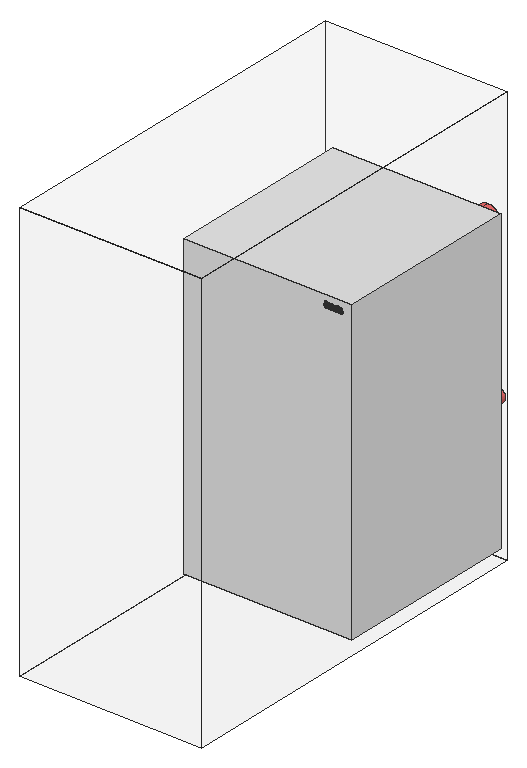
Revit family "Remeha_Gas110Eco-65_LOD-3", category Mechanical Equipment, host Face, Revit 2015
Parameters (values of type "Gas 110 Eco-65")
  Weekly = "0"
  Water Treatment Required = yes
  Water Content = 24.6052 L
  Warranty ID = ""
  Voltage = 230 V
  URL = "http://www.remeha.co.uk"
  Type Image = 0
  built-in parameter 1010105 = ""
  Type Comments = ""
  Type = "Space heating"
  Turndown Ratio = "5:1"
  Supply Phase = 1
  Starting Current = 0 A
  Sound Pressure Level = "49 dBA"
  Shipping Weight = 116.00 kg
  Shape = "Rectangular (Vertical)"
  Safety Valve Connection Type = "Unset"
  Safety Valve Connection Size = 0 mm
  Responsible Sourcing of Materials = "0"
  Responsible Extraction of Materials = "0"
  Reference Standard = "92/42/EEC, 2006/95/EEC, 2004/108/EEC, 97/23/EEC (article 3 sub 3)"
  Rated Output = 61000 W
  Rated Criteria = "80/60"
  Quarterly = "0"
  Product Range = "Gas 110 Eco - 65"
  Product Model Number = "100010820"
  Product Literature = "https://www.remeha.co.uk/en/Products/Floor-Standing-Range/Gas-110-Eco"
  Primary Fuel = "Gas - NG"
  Overall Width = 600 mm
  Overall Length = 663 mm
  Overall Height = 1100 mm
  Optional Fuel = "Gas - LPG"
  Operation and Maintenance Manual = "https://www.remeha.co.uk/en/Products/Floor-Standing-Range/Gas-110-Eco"
  Oil Consumption rate = 0
  Nominal Oil Inlet Pressure = 0.00 bar
  Nominal Gas Inlet Pressure = 0.000049768 bar
  NOx Emissions = "32 mg/kWh"
  Mounting = "Floor Standing"
  Monthly = "0"
  Model = "Gas 110 Eco - 65"
  Minimum Power Consumption = 31 W
  Minimum Operating Pressure = 0.00199072 bar
  Minimum Oil Inlet Pressure = 0.00 bar
  Minimum Gas Inlet Pressure = 0.000042303 bar
  Minimum Flow Rate at 20C temperature differential = 0.0460558 L/s
  Minimum Flow Rate at 11C temperature differential = 0.0832791 L/s
  Maximum Power Consumption = 88 W
  Maximum Operating Pressure = 0.0099536 bar
  Maximum Oil Inlet Pressure = 0.00 bar
  Maximum Gas Inlet Pressure = 0.00006221 bar
  Material Ingredient Reporting = "0"
  Manufacturer Website = "http://www.remeha.co.uk/"
  Manufacturer = "Remeha Commercial"  # constant formula
  Maintenance Required 8001 to 12000hrs = "0"
  Maintenance Required 601 to 1000hrs = "0"
  Maintenance Required 4001 to 8000hrs = "0"
  Maintenance Required 301 to 600hrs = "0"
  Maintenance Required 2001 to 4000hrs = "0"
  Maintenance Required 1001 to 2000hrs = "0"
  Maintenance Required 0 to 300hrs = "0"
  Location of Manufacturer = "0"
  Life Cycle Analysis = "0"
  Keynote = "Flue Connection size can vary between 100/150 concentric."
  Keynote = ""
  Interlocks = yes
  IfcExportType = "NOTDEFINED"  # constant formula
  IfcExportAs = "IfcBoilerType"  # constant formula
  IP Rating = "IP21"
  IK Rating = "0"
  Hydraulic Resistance at 20C temperature differential = 0.00043547 bar
  Hydraulic Resistance at 11C temperature differential = 0.00144327 bar
  Heater Operation = "Condensing"
  Heat Exchanger Material = "Aluminium"
  Gross Weight = 122.50 kg
  Green Guide for Specification = "0"
  Gas Consumption rate = "6.56 m3/h"
  Fuse Rating = 6.3 A
  Full Load Current = 0 A
  Fuel Connection Type = "Threaded"
  Fuel Connection Size = 20 mm
  Frequency = 50 Hz
  Flue or Air Intake Classification = "B23p,C13,C33,C43,C53,C63,C83,C93"
  Flue Connection size = 100 mm
  Flow and Return Connection Type = "Threaded"
  Flow and Return Connection Size = 32 mm
  Finish = "Painted"
  Features = "Remeha's Gas110 range are compact high efficiency floor standing condensing boilers have been developed specifically to fit directly into the floor space as a traditional boiler."
  External Material = "Steel"
  Expected Life = "15"
  ErP Seasonal Efficiency = "93 %"
  ErP Rated Efficiency at Part Load = "98.1 %"
  ErP Rated Efficiency at Full Load = "88.6 %"
  ErP Energy Label = "A"
  Environmental Product Declaration = "0"
  Energy Technology List = "https://etl.beis.gov.uk/engetl/fox/live/ETL_PUBLIC_PRODUCT_SEARCH/product?PROD_ID=41391"
  Embodied Carbon = "0"
  Drain Connection Type = "Unset"
  Drain Connection Size = 0 mm
  Description = "Condensing Boiler"  # constant formula
  Default Elevation = 0 mm
  Daily = "0"
  Cost = 0
  Control Type = "0 - 10V, Open Therm, Volt free enable, Direct boiler weather compensating control systems available from Remeha as optional extra's."
  Configuration = "Single boiler"
  Condensate Drain Type = "Plain"
  Condensate Drain Size = 32 mm
  Colour = "Remeha White + RAL 2002"
  Clearance Box Visibility [instance] = yes
  Classification.Uniclass.Pr.Number [instance] = "Pr_60_60_08_34"
  Classification.Uniclass.Pr.Description [instance] = "Gas fired Condensing Boilers"
  CE Mark = "CE - 0063BS3826"
  Burner Control Type = "Modulating"
  Building Regulations Seasonal Efficiency = "96.30 %"
  Bespoke Timeframe = "0"
  BMS Links = yes
  Assembly Code = "D3020100"
  Annually = "As per attached URL O&M manual"
  Air Inlet Connection Size = 150 mm
  Additional Technical Details = "https://www.remeha.co.uk/en/Products/Floor-Standing-Range/Gas-110-Eco"
  Access Clearance Top = 400 mm
  Access Clearance Right = 25 mm
  Access Clearance Rear = 0 mm
  Access Clearance Left = 25 mm
  Access Clearance Front = 700 mm
  Access Clearance Bottom = 0 mm
  6 Monthly = "0"
Types (2, lengths in mm): name | Water Content | URL | Nominal Gas Inlet Pressure | Model | Minimum Operating Pressure | Minimum Gas Inlet Pressure | Minimum Flow Rate at 20C temperature differential | Minimum Flow Rate at 11C temperature differential | Maximum Operating Pressure | Maximum Gas Inlet Pressure | Keynote | Hydraulic Resistance at 20C temperature differential | Hydraulic Resistance at 11C temperature differential
  Gas 110 Eco-65 | 24.6052 L | "http://www.remeha.co.uk" | 0.000049768 bar | "Gas 110 Eco - 65" | 0.00199072 bar | 0.000042303 bar | 0.0460558 L/s | 0.0832791 L/s | 0.0099536 bar | 0.00006221 bar | "Flue Connection size can vary between 100/150 concentric." | 0.00043547 bar | 0.00144327 bar
  Gas 110 Eco - 65 | 6.5 L | 0 | 0.02 bar | "Gas 110 Eco - 115" | 0.80 bar | 0.017 bar | 0.730 L/s | 1.320 L/s | 4.00 bar | 0.025 bar | 0 | 0.175 bar | 0.58 bar
Reference planes
  plane 1 "Center (Front/Back)": y = 0
  plane 2: z = 0
  plane 3 "Center (Left/Right)": x = 0
  plane 4: x = -300
  plane 5: x = 300
  plane 6: y = 331.5
  plane 7: y = -331.5
  plane 8 "Top": z = 1100
  plane 9: z = 999.75
  plane 10: z = 155.75
  plane 11: z = 441.75
  plane 12: z = 405.75
  plane 13: z = 31.75
  plane 14: x = -325
  plane 15: x = 325
  plane 16: y = 685
  plane 17: y = -1031.5
  plane 18: z = 1500
Forms (mm)
  Sweep 1, solid, material "Glass - Clear - Amber", visible <- "Clearance Box Visibility"
    path origin (0, 0, 0) x (1, 0, 0) y (0, 0, 1)
      loop
        line (0, 1500) -> (0, 0)
    profile origin (0, 0, 750) x (0, -1, 0) y (1, 0, 0)
      loop
        line (-331.5, -325) -> (1031.5, -325) -> (1031.5, 325) -> (-331.5, 325) -> (-331.5, -325)
Dimensions and locks
  equal spacing: plane 4, plane 3 "Center (Left/Right)", plane 5
  plane 4 to plane 5 = 600 mm
  equal spacing: plane 7, plane 1 "Center (Front/Back)", plane 6
  plane 7 to plane 6 = 663 mm
  plane 8 "Top" to level = 1100 mm
  plane 9 to plane 13 = 968 mm
  plane 10 to plane 13 = 124 mm
  plane 11 to plane 13 = 410 mm
  plane 12 to plane 13 = 374 mm
  locked: plane 13 to host face at 31.75
  plane 14 to plane 4 = 25 mm
  plane 5 to plane 15 = 25 mm
  plane 16 to plane 6 = 353.5 mm
  plane 17 to plane 7 = 700 mm
  plane 18 to plane 8 "Top" = 400 mm
  aligned and locked: plane 2 to host face
  aligned and locked: level to host face
  aligned and locked: plane 3 "Center (Left/Right)" to nested 1
  aligned and locked: plane 1 "Center (Front/Back)" to nested 1
  aligned and locked: Sweep 1 sketch curve to plane 3 "Center (Left/Right)"
  aligned and locked: plane 18 to Sweep 1 sketch curve
  aligned and locked: level to Sweep 1 sketch curve
  aligned and locked: Sweep 1 sketch curve to plane 15
  aligned and locked: plane 14 to Sweep 1 sketch curve
  aligned and locked: plane 17 to Sweep 1 sketch curve
Automatic sketch dimensions
  host sketch curve to host sketch curve = 2438.4 mm  (x2)
  Sweep 1 sketch curve to plane 1 "Center (Front/Back)" = 331.5 mm
Nested families
  nested 1: "Gas 110" at (0, 0, 0), type "Gas 110"
Connectors
  piping at (170, 438.5, 999.75), diameter 63.5
    settings: on nested 1, index 1, connector inside diameter 63.500 mm, connector length 0 mm, flow factor 0, pipe flow 0.000 L/s, pressure drop 0 bar, fitting loss kfactor 0, connector angle 0.00°, fixture units 0, engagement length 0 mm, angle of deflection 0.00°, flow configuration 0, flow direction 2, fitting loss method 0, system type 22, joint type 0, gender type 0, connector reference index -1, connector utility 0, adjustable connector no, is connector primary yes, connector description "Heating Outlet Connection"
  piping at (208, 438.5, 441.75), diameter 38.1
    settings: on nested 1, index 2, connector inside diameter 38.100 mm, connector length 0 mm, flow factor 0, pipe flow 0.000 L/s, pressure drop 0 bar, fitting loss kfactor 0, connector angle 0.00°, fixture units 0, engagement length 0 mm, angle of deflection 0.00°, flow configuration 0, flow direction 1, fitting loss method 0, system type 22, joint type 0, gender type 0, connector reference index -1, connector utility 0, adjustable connector no, is connector primary no, connector description "Gas Inlet Conection"
  piping at (-118, 438.5, 155.75), diameter 63.5
    settings: on nested 1, index 3, connector inside diameter 63.500 mm, connector length 0 mm, flow factor 0, pipe flow 0.000 L/s, pressure drop 0 bar, fitting loss kfactor 0, connector angle 0.00°, fixture units 0, engagement length 0 mm, angle of deflection 0.00°, flow configuration 0, flow direction 2, fitting loss method 0, system type 7, joint type 0, gender type 0, connector reference index -1, connector utility 0, adjustable connector no, is connector primary no, connector description "Heating Return Connection"
  piping at (173, 331.5, 183.75), diameter 50
    settings: on nested 1, index 4, connector inside diameter 50.000 mm, connector length 0 mm, flow factor 0, pipe flow 0.000 L/s, pressure drop 0 bar, fitting loss kfactor 0, connector angle 0.00°, fixture units 0, engagement length 0 mm, angle of deflection 0.00°, flow configuration 0, flow direction 2, fitting loss method 0, system type 22, joint type 0, gender type 0, connector reference index -1, connector utility 0, adjustable connector no, is connector primary no, connector description "Condensates Discharge Connection"
  electrical at (0, 331.5, 1083.5)
    settings: on nested 1, index 5, voltage 230 V, apparent load 24 VA, apparent load phase1 0 VA, apparent load phase2 0 VA, apparent load phase3 0 VA, power factor 1, load classification "Power", number of poles 1, system type 30, power factor state 1, is connector primary yes, connector utility yes, sub classification motor yes, connector description "Power"
  hvac at (16.875, 221.727, 1100)
    settings: index 6, duct flow 0 CFM, flow factor 0, pres drop 0.00 bar, loss coef 0, conn angle 0.00°, conn width 0.03937", conn height 12", conn diameter 3.93701", duct sys type 4, conn prof type 0, flow config 0, flow direction 0, loss method 0, conn ref index -1, conn util no, is conn primary yes, conn desc ""
Definition of nested family "Gas 110"
  Parameters (values of type "Gas 110")
    Width = 600 mm  # constant formula
    Unit = none
    Top Clearance = 400 mm  # constant formula
    Pipe Material = none
    Side Clearance = 100 mm  # constant formula
    Logo = none
    Gas Inlet Pipe Offset = 208 mm  # constant formula
    E=Pipe Height = 152 mm
    Leg Offset = 38.1 mm  # constant formula
    Height = 1100 mm
    Heating Return Pipe Offset = 118 mm  # constant formula
    Heating Return Pipe Height = 124 mm
    Heating Outlet Offset = 170 mm  # constant formula
    Heating Outlet Pipe Height = 968 mm
    Gas Inlet Pipe Height = 410 mm
    Front Clearance = 700 mm  # constant formula
    Depth = 663 mm  # constant formula
    Default Elevation = 1219.2 mm
    Condensates Discharge Pipe Offset = 173 mm  # constant formula
    Condensates Discharge Pipe Height = 374 mm
    Bottom Panael Offset = 40 mm
    Back Clearnce Note = "300mm refers to singular boiler installations, 600mm refers to modular boiler applications"  # constant formula
    Back Clearnce = 300 mm
    Assembly Code = ""
  Reference planes
    plane 1 "Center (Front/Back)": y = 0
    plane 2: z = 0
    plane 3 "Center (Left/Right)": x = 0
    plane 4: x = 300
    plane 5: x = -300
    plane 6: y = 331.5
    plane 7: y = -331.5
    plane 8: z = 1100
    plane 9: z = 550
    plane 10: z = 1500
    plane 11: z = 393.333
    plane 12: z = 40
    plane 13: z = 746.667
    plane 14: y = -269.5
    plane 15: z = 1067
    plane 16: y = -275.85
    plane 17: z = 740.317
    plane 18: z = 386.983
    plane 19: z = 33.65
    plane 20: z = 31.75
    plane 21: x = 198.4
    plane 22: y = 293.4
    plane 23: x = 261.9
    plane 24: x = -261.9
    plane 25: y = -231.4
    plane 26: x = 170
    plane 27: z = 999.75
    plane 28: z = 155.75
    plane 29: z = 441.75
    plane 30: y = 438.5
    plane 31: x = 208
    plane 32: x = -118
    plane 33: x = 173
    plane 34: z = 183.75
    plane 35: y = -297.75
  Forms (mm)
    Extrusion 1, solid, material <- "Unit"
      sketch origin (0, 0, 0) x (1, 0, 0) y (0, 1, 0)
        loop
          line (-300, 331.5) -> (-300, -331.5) -> (300, -331.5) -> (300, 331.5) -> (-300, 331.5)
      from 31.75 to 1100
    Revolve 2, solid, material <- "Pipe Material"
      sketch origin (-118, 0, 456.855) x (0, 0, 1) y (0, 1, 0)
        loop
          line (-269.355, 331.5) -> (-269.355, 438.5) -> (-270.943, 438.5) -> (-270.943, 331.5) -> (-269.355, 331.5)
        axis (-301.105, 438.5) -> (-301.105, 331.5)
      angle from 0 to 360
    Revolve 3, void
      sketch origin (173, 0, 484.855) x (0, 0, 1) y (0, 1, 0)
        loop
          line (-269.355, 331.5) -> (-301.105, 331.5) -> (-301.105, 316.5) -> (-269.355, 316.5) -> (-269.355, 331.5)
        axis (-301.105, 331.5) -> (-301.105, 316.5)
      angle from 0 to 360
  Cuts and joins
    Revolve 3 cuts Extrusion 1
  Dimensions and locks
    equal spacing: plane 5, plane 3 "Center (Left/Right)", plane 4
    "Width": plane 5 to plane 4
    equal spacing: plane 6, plane 1 "Center (Front/Back)", plane 7
    "Depth": plane 6 to plane 7
    "Height": plane 8 to level
    equal spacing: plane 8, plane 9, level
    "Top Clearance": plane 10 to plane 8
    "Bottom Panael Offset": plane 12 to level
    equal spacing: plane 8, plane 13, plane 11, plane 12
    locked: plane 8 to plane 15 at 33
    locked: plane 14 to plane 7 at 62
    locked: plane 14 to plane 16 at 6.35
    locked: plane 13 to plane 17 at 6.35
    locked: plane 12 to plane 19 at 6.35
    locked: plane 11 to plane 18 at 6.35
    locked: plane 20 to level at 31.75
    locked: plane 4 to plane 21 at 101.6
    "Leg Offset": plane 6 to plane 22
    "Leg Offset": plane 23 to plane 4
    "Leg Offset": plane 5 to plane 24
    "Leg Offset": plane 25 to plane 14
    "Heating Outlet Offset": plane 26 to plane 3 "Center (Left/Right)"
    "Heating Return Pipe Height": plane 20 to plane 28
    "Gas Inlet Pipe Height": plane 20 to plane 29
    plane 30 to plane 7 = 770 mm
    plane 30 to plane 6 = 107 mm
    "Heating Outlet Pipe Height": plane 20 to plane 27
    "Gas Inlet Pipe Offset": plane 31 to plane 3 "Center (Left/Right)"
    "Heating Return Pipe Offset": plane 3 "Center (Left/Right)" to plane 32
    locked: Revolve 2 sketch curve to Revolve 2 sketch curve at 31.75
    locked: Revolve 2 sketch curve to Revolve 2 sketch curve at 1.588
    "Condensates Discharge Pipe Offset": plane 33 to plane 3 "Center (Left/Right)"
    "E=Pipe Height": plane 20 to plane 34
    locked: Revolve 3 sketch curve to Revolve 3 sketch curve at 31.75
    locked: Extrusion 1 to Revolve 3 sketch curve at 15
    locked: plane 16 to plane 35 at 21.9
    aligned and locked: plane 2 to level
    aligned and locked: plane 5 to Extrusion 1 sketch curve
    aligned and locked: Extrusion 1 sketch curve to plane 6
    aligned and locked: Extrusion 1 sketch curve to plane 4
    aligned: Extrusion 1 to plane 12
    aligned and locked: Extrusion 1 to plane 20
    aligned and locked: plane 15 to nested 1
    aligned: nested 1 to plane 21
    aligned and locked: plane 27 to nested 2
    aligned and locked: plane 6 to nested 2
    aligned and locked: plane 6 to nested 3
    aligned and locked: plane 31 to nested 3
    aligned and locked: plane 29 to nested 3
    aligned and locked: plane 30 to Revolve 2 sketch curve
    aligned and locked: Revolve 2 sketch curve to plane 6
    aligned and locked: Revolve 2 sketch curve to plane 28
    aligned and locked: Revolve 3 sketch curve to plane 34
    aligned and locked: Revolve 3 sketch curve to Revolve 3 sketch curve
  Automatic sketch dimensions
    plane 7 to Revolve 2 sketch curve = 2223.441 mm
    Revolve 2 sketch curve to plane 30 = 1658.909 mm
    Revolve 3 sketch curve to plane 6 = 0 mm
    plane 7 to Revolve 3 sketch curve = 2223.441 mm
    Revolve 3 sketch curve to plane 30 = 1658.909 mm
    plane 7 to Extrusion 1 sketch curve = 0 mm
  Nested families
    nested 1: "Logo_110" at (232.515, -344.885, 1067) x (0.9958, -0.0915, 0) z (0, 0, 1), type "Logo_110"
    nested 2: "Heating Outlet" at (170, 331.5, 999.75) x (-1, 0, 0) z (0, 0, 1), type "Heating Outlet"
    nested 3: "Gas Inlet" at (208, 331.5, 441.75) x (-1, 0, 0) z (0, 0, 1), type "Gas Inlet"
  Definition of nested family "Logo_110"
    Parameters
      Logo = none
      Assembly Code = ""
    Reference planes
      plane 1 "Center (Front/Back)": y = 0
      plane 2: z = 0
      plane 3 "Center (Left/Right)": x = 0
      plane 4: through (-34.45, 10.276, 1219.2) normal (-0.0915, 0.9958, 0)
    Forms (mm)
      Extrusion 1, solid, material <- "Logo"
        sketch origin (-1200.515, 470.183, 347.714) x (-1, 0, 0) y (0, 0, 1)
          loop
            line (-1166.065, -347.714) -> (-1166.065, -346.276) -> (-1234.964, -346.276) -> (-1234.964, -347.714) -> (-1166.065, -347.714)
          loop
            line (-1171.239, -345.278) -> (-1169.117, -345.278) -> (-1169.117, -334.049) -> (-1174.497, -334.049)
            arc (-1174.497, -334.049) -> (-1177.532, -336.363) -> (-1176.105, -339.902) r 3.147
            arc (-1176.105, -339.902) -> (-1177.192, -340.743) -> (-1177.597, -342.056) r 2.278
            arc (-1177.597, -342.056) -> (-1177.684, -343.678) -> (-1177.964, -345.278) r 13.538
            line (-1177.964, -345.278) -> (-1175.753, -345.278)
            arc (-1175.753, -345.278) -> (-1175.372, -343.949) -> (-1175.372, -342.566) r 4.968
            arc (-1175.372, -342.566) -> (-1175.022, -341.383) -> (-1173.899, -340.872) r 1.487
            line (-1173.899, -340.872) -> (-1171.239, -340.872) -> (-1171.239, -345.278)
          loop
            line (-1171.239, -335.984) -> (-1174.015, -335.984)
            arc (-1174.015, -335.984) -> (-1174.732, -336.176) -> (-1175.256, -336.7) r 1.433
            arc (-1175.256, -336.7) -> (-1175.448, -337.467) -> (-1175.274, -338.238) r 1.707
            arc (-1175.274, -338.238) -> (-1174.937, -338.821) -> (-1174.304, -339.052) r 0.985
            line (-1174.304, -339.052) -> (-1171.239, -339.052) -> (-1171.239, -335.984)
          loop
            arc (-1180.653, -341.598) -> (-1182.043, -343.742) -> (-1184.351, -342.645) r 1.938
            line (-1184.351, -342.645) -> (-1186.34, -342.645)
            arc (-1186.34, -342.645) -> (-1182.034, -345.415) -> (-1178.492, -341.717) r 4.025
            arc (-1178.492, -341.717) -> (-1182.433, -336.777) -> (-1186.518, -341.598) r 4.09
            line (-1186.518, -341.598) -> (-1180.653, -341.598)
          loop
            arc (-1180.641, -340.208) -> (-1182.494, -338.355) -> (-1184.348, -340.208) r 1.853
            line (-1184.348, -340.208) -> (-1180.641, -340.208)
          loop
            arc (-1190.489, -338.132) -> (-1192.897, -336.691) -> (-1195.349, -338.056) r 2.807
            arc (-1195.349, -338.056) -> (-1197.91, -336.716) -> (-1200.47, -338.056) r 3.117
            arc (-1200.47, -338.056) -> (-1200.805, -338.868) -> (-1200.768, -339.746) r 2.049
            line (-1200.768, -339.746) -> (-1200.768, -345.116) -> (-1198.579, -345.116) -> (-1198.579, -339.907)
            arc (-1198.579, -339.907) -> (-1197.148, -338.477) -> (-1195.718, -339.907) r 1.43
            line (-1195.718, -339.907) -> (-1195.718, -345.116) -> (-1193.496, -345.116) -> (-1193.496, -339.907)
            arc (-1193.496, -339.907) -> (-1192.037, -338.448) -> (-1190.578, -339.907) r 1.459
            line (-1190.578, -339.907) -> (-1190.578, -345.116) -> (-1188.357, -345.116) -> (-1188.357, -336.935) -> (-1190.489, -336.935) -> (-1190.489, -338.132)
          loop
            arc (-1204.912, -341.598) -> (-1206.303, -343.742) -> (-1208.611, -342.645) r 1.938
            line (-1208.611, -342.645) -> (-1210.599, -342.645)
            arc (-1210.599, -342.645) -> (-1206.293, -345.415) -> (-1202.752, -341.717) r 4.025
            arc (-1202.752, -341.717) -> (-1206.692, -336.777) -> (-1210.777, -341.598) r 4.09
            line (-1210.777, -341.598) -> (-1204.912, -341.598)
          loop
            arc (-1204.9, -340.208) -> (-1206.754, -338.355) -> (-1208.607, -340.208) r 1.853
            line (-1208.607, -340.208) -> (-1204.9, -340.208)
          loop
            line (-1214.826, -333.854) -> (-1214.826, -338.056)
            arc (-1214.826, -338.056) -> (-1218.094, -336.702) -> (-1220.247, -339.508) r 2.905
            line (-1220.247, -339.508) -> (-1220.247, -345.074) -> (-1217.931, -345.074) -> (-1217.931, -340.208)
            arc (-1217.931, -340.208) -> (-1216.378, -338.298) -> (-1214.826, -340.208) r 1.586
            line (-1214.826, -340.208) -> (-1214.826, -345.074) -> (-1212.484, -345.074) -> (-1212.484, -333.854) -> (-1214.826, -333.854)
          loop
            arc (-1222.235, -339.489) -> (-1222.889, -337.839) -> (-1224.405, -336.917) r 2.789
            arc (-1224.405, -336.917) -> (-1226.078, -336.731) -> (-1227.75, -336.917) r 7.584
            arc (-1227.75, -336.917) -> (-1229.059, -337.46) -> (-1229.601, -338.768) r 1.851
            line (-1229.601, -338.768) -> (-1229.601, -343.41)
            arc (-1229.601, -343.41) -> (-1229.685, -344.265) -> (-1229.933, -345.088) r 4.406
            line (-1229.933, -345.088) -> (-1227.699, -345.088)
            arc (-1227.699, -345.088) -> (-1227.519, -344.499) -> (-1227.444, -343.888) r 3.535
            arc (-1227.444, -343.888) -> (-1226.766, -344.877) -> (-1225.629, -345.256) r 1.883
            arc (-1225.629, -345.256) -> (-1224.077, -345.233) -> (-1222.637, -344.658) r 4.278
            arc (-1222.637, -344.658) -> (-1221.939, -343.042) -> (-1222.459, -341.36) r 2.539
            arc (-1222.459, -341.36) -> (-1223.401, -340.605) -> (-1224.585, -340.369) r 2.539
            arc (-1224.585, -340.369) -> (-1225.795, -340.279) -> (-1226.95, -339.91) r 5.156
            arc (-1226.95, -339.91) -> (-1227.444, -339.063) -> (-1226.81, -338.314) r 0.85
            arc (-1226.81, -338.314) -> (-1226.091, -338.231) -> (-1225.376, -338.345) r 2.642
            arc (-1225.376, -338.345) -> (-1224.727, -338.759) -> (-1224.482, -339.489) r 1.155
            line (-1224.482, -339.489) -> (-1222.235, -339.489)
          loop
            arc (-1224.259, -342.322) -> (-1224.947, -341.609) -> (-1225.925, -341.453) r 1.563
            arc (-1225.925, -341.453) -> (-1226.741, -341.362) -> (-1227.39, -340.861) r 1.518
            line (-1227.39, -340.861) -> (-1227.39, -342.054)
            arc (-1227.39, -342.054) -> (-1227.081, -343.042) -> (-1226.263, -343.676) r 1.73
            arc (-1226.263, -343.676) -> (-1225.493, -343.801) -> (-1224.733, -343.624) r 2.011
            arc (-1224.733, -343.624) -> (-1224.27, -343.055) -> (-1224.259, -342.322) r 1.118
          loop
            line (-1173.273, -349.485) -> (-1175.885, -349.485)
            arc (-1175.885, -349.485) -> (-1176.406, -349.517) -> (-1176.919, -349.612) r 4.274
            arc (-1176.919, -349.612) -> (-1177.44, -349.879) -> (-1177.789, -350.349) r 1.286
            line (-1177.789, -350.349) -> (-1177.789, -351.176) -> (-1176.343, -351.176)
            arc (-1176.343, -351.176) -> (-1176.059, -350.787) -> (-1175.6, -350.638) r 0.782
            line (-1175.6, -350.638) -> (-1174.002, -350.638)
            arc (-1174.002, -350.638) -> (-1173.35, -350.791) -> (-1173.06, -351.395) r 0.775
            line (-1173.06, -351.395) -> (-1173.06, -352.448)
            arc (-1173.06, -352.448) -> (-1173.387, -353.015) -> (-1174.002, -353.239) r 0.956
            line (-1174.002, -353.239) -> (-1175.574, -353.239)
            arc (-1175.574, -353.239) -> (-1176.082, -353.05) -> (-1176.343, -352.575) r 0.778
            line (-1176.343, -352.575) -> (-1174.512, -352.575) -> (-1174.512, -351.58) -> (-1177.815, -351.58) -> (-1177.815, -353.352)
            arc (-1177.815, -353.352) -> (-1177.511, -354.088) -> (-1176.775, -354.393) r 1.04
            line (-1176.775, -354.393) -> (-1173.028, -354.393)
            arc (-1173.028, -354.393) -> (-1171.986, -353.961) -> (-1171.554, -352.919) r 1.473
            line (-1171.554, -352.919) -> (-1171.554, -351.204)
            arc (-1171.554, -351.204) -> (-1172.058, -349.988) -> (-1173.273, -349.485) r 1.719
          loop
            line (-1180.573, -349.538) -> (-1182.49, -349.538) -> (-1185.13, -354.34) -> (-1183.491, -354.34) -> (-1183.034, -353.491) -> (-1180.049, -353.491) -> (-1179.618, -354.34) -> (-1177.973, -354.34) -> (-1180.573, -349.538)
          loop
            line (-1181.528, -350.652) -> (-1182.483, -352.456) -> (-1180.599, -352.456) -> (-1181.528, -350.652)
          loop
            line (-1191.083, -351.056) -> (-1189.691, -351.056)
            arc (-1189.691, -351.056) -> (-1189.411, -350.696) -> (-1188.975, -350.559) r 0.765
            line (-1188.975, -350.559) -> (-1187.343, -350.559)
            arc (-1187.343, -350.559) -> (-1186.937, -350.966) -> (-1187.343, -351.372) r 0.406
            line (-1187.343, -351.372) -> (-1190.081, -351.372)
            arc (-1190.081, -351.372) -> (-1190.535, -351.475) -> (-1190.947, -351.691) r 1.805
            arc (-1190.947, -351.691) -> (-1191.571, -352.891) -> (-1190.947, -354.091) r 1.466
            arc (-1190.947, -354.091) -> (-1190.599, -354.282) -> (-1190.217, -354.393) r 1.805
            line (-1190.217, -354.393) -> (-1186.455, -354.393)
            arc (-1186.455, -354.393) -> (-1185.505, -353.889) -> (-1185.389, -352.821) r 1.147
            line (-1185.389, -352.821) -> (-1186.78, -352.821)
            arc (-1186.78, -352.821) -> (-1187.061, -353.182) -> (-1187.496, -353.318) r 0.765
            line (-1187.496, -353.318) -> (-1189.509, -353.318)
            arc (-1189.509, -353.318) -> (-1189.911, -352.891) -> (-1189.492, -352.481) r 0.419
            line (-1189.492, -352.481) -> (-1186.349, -352.481)
            arc (-1186.349, -352.481) -> (-1185.499, -352.041) -> (-1185.367, -351.092) r 1.041
            arc (-1185.367, -351.092) -> (-1185.543, -349.991) -> (-1186.537, -349.485) r 1.229
            line (-1186.537, -349.485) -> (-1190.016, -349.485)
            arc (-1190.016, -349.485) -> (-1190.966, -349.988) -> (-1191.083, -351.056) r 1.147
          loop
            line (-1199.173, -350.864) -> (-1201.208, -349.538) -> (-1202.966, -349.538) -> (-1202.966, -354.34) -> (-1201.613, -354.34) -> (-1201.613, -350.692) -> (-1199.842, -351.826) -> (-1199.173, -350.864)
          loop
            line (-1206.548, -349.485) -> (-1209.487, -349.485)
            arc (-1209.487, -349.485) -> (-1210.572, -349.934) -> (-1211.021, -351.019) r 1.534
            line (-1211.021, -351.019) -> (-1211.021, -352.858)
            arc (-1211.021, -352.858) -> (-1210.572, -353.943) -> (-1209.487, -354.392) r 1.534
            line (-1209.487, -354.392) -> (-1206.548, -354.392)
            arc (-1206.548, -354.392) -> (-1205.464, -353.943) -> (-1205.015, -352.858) r 1.534
            line (-1205.015, -352.858) -> (-1205.015, -351.018)
            arc (-1205.015, -351.018) -> (-1205.464, -349.934) -> (-1206.548, -349.485) r 1.534
          loop
            arc (-1208.885, -350.678) -> (-1209.36, -350.875) -> (-1209.557, -351.35) r 0.672
            line (-1209.557, -351.35) -> (-1209.557, -352.526)
            arc (-1209.557, -352.526) -> (-1209.36, -353.001) -> (-1208.884, -353.198) r 0.672
            line (-1208.884, -353.198) -> (-1207.151, -353.198)
            arc (-1207.151, -353.198) -> (-1206.676, -353.001) -> (-1206.479, -352.526) r 0.672
            line (-1206.479, -352.526) -> (-1206.479, -351.351)
            arc (-1206.479, -351.351) -> (-1206.676, -350.875) -> (-1207.151, -350.678) r 0.672
            line (-1207.151, -350.678) -> (-1208.885, -350.678)
          loop
            line (-1218.802, -352.416) -> (-1215.22, -352.416) -> (-1215.22, -353.227) -> (-1219.087, -353.227) -> (-1219.087, -354.34) -> (-1213.747, -354.34) -> (-1213.747, -349.538) -> (-1219, -349.538) -> (-1219, -350.61) -> (-1215.22, -350.61) -> (-1215.22, -351.421) -> (-1218.802, -351.421) -> (-1218.802, -352.416)
          loop
            line (-1221.516, -349.485) -> (-1224.763, -349.485)
            arc (-1224.763, -349.485) -> (-1225.941, -350.037) -> (-1226.272, -351.295) r 1.534
            line (-1226.272, -351.295) -> (-1224.83, -351.295)
            arc (-1224.83, -351.295) -> (-1224.616, -350.856) -> (-1224.16, -350.678) r 0.672
            line (-1224.16, -350.678) -> (-1222.119, -350.678)
            arc (-1222.119, -350.678) -> (-1221.644, -350.875) -> (-1221.447, -351.351) r 0.672
            line (-1221.447, -351.351) -> (-1221.447, -352.526)
            arc (-1221.447, -352.526) -> (-1221.644, -353.001) -> (-1222.119, -353.198) r 0.672
            line (-1222.119, -353.198) -> (-1224.16, -353.198)
            arc (-1224.16, -353.198) -> (-1224.646, -352.991) -> (-1224.832, -352.496) r 0.672
            line (-1224.832, -352.496) -> (-1226.253, -352.496)
            arc (-1226.253, -352.496) -> (-1225.969, -353.806) -> (-1224.763, -354.392) r 1.534
            line (-1224.763, -354.392) -> (-1221.516, -354.392)
            arc (-1221.516, -354.392) -> (-1220.432, -353.943) -> (-1219.983, -352.858) r 1.534
            line (-1219.983, -352.858) -> (-1219.983, -351.018)
            arc (-1219.983, -351.018) -> (-1220.432, -349.934) -> (-1221.516, -349.485) r 1.534
          loop
            line (-1229.142, -349.485) -> (-1232.573, -349.485)
            arc (-1232.573, -349.485) -> (-1233.658, -349.934) -> (-1234.107, -351.019) r 1.534
            line (-1234.107, -351.019) -> (-1234.107, -352.858)
            arc (-1234.107, -352.858) -> (-1233.658, -353.943) -> (-1232.573, -354.392) r 1.534
            line (-1232.573, -354.392) -> (-1229.142, -354.392)
            arc (-1229.142, -354.392) -> (-1228.057, -353.943) -> (-1227.608, -352.858) r 1.534
            line (-1227.608, -352.858) -> (-1227.608, -351.018)
            arc (-1227.608, -351.018) -> (-1228.057, -349.934) -> (-1229.142, -349.485) r 1.534
          loop
            arc (-1231.971, -350.678) -> (-1232.446, -350.875) -> (-1232.643, -351.35) r 0.672
            line (-1232.643, -351.35) -> (-1232.643, -352.526)
            arc (-1232.643, -352.526) -> (-1232.446, -353.001) -> (-1231.97, -353.198) r 0.672
            line (-1231.97, -353.198) -> (-1229.745, -353.198)
            arc (-1229.745, -353.198) -> (-1229.269, -353.001) -> (-1229.072, -352.526) r 0.672
            line (-1229.072, -352.526) -> (-1229.072, -351.351)
            arc (-1229.072, -351.351) -> (-1229.269, -350.875) -> (-1229.745, -350.678) r 0.672
            line (-1229.745, -350.678) -> (-1231.971, -350.678)
          loop
            line (-1193.712, -350.864) -> (-1195.748, -349.538) -> (-1197.506, -349.538) -> (-1197.506, -354.34) -> (-1196.152, -354.34) -> (-1196.152, -350.692) -> (-1194.382, -351.826) -> (-1193.712, -350.864)
        from -470.183 to -453.159
      Extrusion 2, void
        sketch origin (-254.092, 323.462, -1289) x (1, 0, 0) y (0, 1, 0)
          loop
            line (219.642, -313.987) -> (219.642, -323.462) -> (288.542, -323.462) -> (288.542, -307.657) -> (219.642, -313.987)
          loop
            line (293.083, -306.439) -> (219.642, -306.439) -> (219.642, -313.186) -> (293.083, -306.439)
        from 1280.617 to 1304.826
    Cuts and joins
      Extrusion 2 cuts Extrusion 1
    Dimensions and locks
      aligned and locked: plane 2 to level
      aligned and locked: Extrusion 1 to Extrusion 2 sketch curve
      aligned and locked: Extrusion 2 sketch curve to Extrusion 1  (x2)
  Definition of nested family "Heating Outlet"
    Parameters (values of type "Heating Outlet")
      Unit = none
      Assembly Code = ""
    Reference planes
      plane 1 "Center (Front/Back)": y = 0
      plane 2: z = 0
      plane 3 "Center (Left/Right)": x = 0
    Forms (mm)
      Revolve 1, solid, material <- "Unit"
        sketch origin (0, 331.5, -1163.428) x (0, -1, 0) y (0, 0, -1)
          loop
            line (438.5, -1204.259) -> (438.5, -1163.428) -> (331.5, -1163.428) -> (331.5, -1204.259) -> (438.5, -1204.259)
          axis (331.5, -1163.428) -> (438.5, -1163.428)
        angle from 0 to 360
    Dimensions and locks
      aligned and locked: plane 2 to level
  Definition of nested family "Gas Inlet"
    Parameters (values of type "Gas Inlet")
      Unit = none
      Assembly Code = ""
    Reference planes
      plane 1 "Center (Front/Back)": y = 0
      plane 2: z = 0
      plane 3 "Center (Left/Right)": x = 0
      plane 4: z = 19.05
    Forms (mm)
      Revolve 1, solid, material <- "Unit"
        sketch origin (0, 331.5, -513.406) x (0, -1, 0) y (0, 0, -1)
          loop
            line (438.5, -535.631) -> (438.5, -513.406) -> (331.5, -513.406) -> (331.5, -535.631) -> (438.5, -535.631)
          axis (331.5, -513.406) -> (438.5, -513.406)
        angle from 0 to 360
    Dimensions and locks
      plane 4 to level = 19.05 mm
      aligned and locked: plane 2 to level
